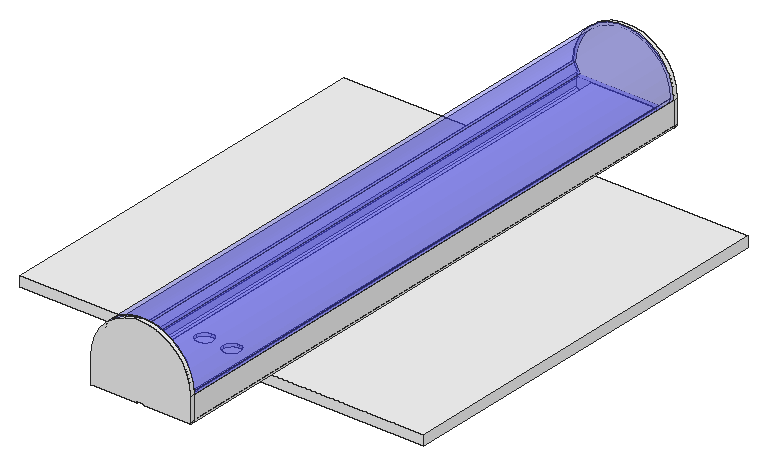
Revit family "BE_51242.1_de_DE", category Leuchten, Revit 2020
Family settings
  Basisbauteil = Fläche
  Bemaßung runder Anschluss = Durchmesser verwenden
  Teiletyp = Normal
  Beim Laden mit Abzugskörper schneiden = Ja
  Lichtquelle = Ja
  Gemeinsam genutzt = Nein
  Raumberechnungspunkt = Ja
Parameters (values of type "BEGA_51242.1_K3")
  built-in parameter 1150104 = 14.054 (stored number, unit not read)
  Wattage = 23.4 W
  Default Elevation = 0 mm
  built-in parameter 1150113 = 1 (stored number, unit not read)
  built-in parameter 1114218 = 1 (stored number, unit not read)
  Umgebungstemperatur = "25 °C"
  URL = "https://www.bega.com/de/produkt/51242.1"
  Typenkommentare = "© 2023 BEGA. Wir behalten uns das Recht vor, technische Änderungen ohne vorherige Ankündigung vorzunehmen."  # constant formula
  built-in parameter 1150134 = (empty or 0)
  built-in parameter 1150109 = 1 (stored number, unit not read)
  Strom = ""
  built-in parameter 1150110 = 1 (stored number, unit not read)
  Spannung = 239.996 V
  Sonderanfertigung = no
  Seriennummer [instance] = "Hier können Sie die eindeutige Seriennummer für das Facility Management eintragen."
  Schutzklasse = "I"
  Schutzart = "IP 44"
  Scheinlast = 0 VA
  Produktdatenblatt = "https://cdn.bega.com/bega/products/51242.1K3/current/documents/data-sheets/de"
  Oberflächentemperatur = ""
  Neigungswinkel = 0.00°
  Modell = "51242.1K3"
  Material_34 = BEGA_Oberfläche_Samtweiss_matt
  Material_14 = BEGA_Kunststoff_opal
  M_W = no
  M_G = no
  M_A = no
  Logo = 0
  built-in parameter 1114217 = 1 (stored number, unit not read)
  built-in parameter 1150139 = (empty or 0)
  built-in parameter 1150105 = 281.7 (stored number, unit not read)
  built-in parameter 1150114 = 1 (stored number, unit not read)
  Lumens = 3539.95 lm
  built-in parameter 1150115 = 1 (stored number, unit not read)
  Leuchtenlichtstrom = "2651 lm"
  Leuchtenanzahl = ""
  Lebensdauerkriterien = "L70B50 @ 25 °C = 130000 h"
  Lastklassifizierung = Beleuchtung
  built-in parameter 1150112 = 1 (stored number, unit not read)
  Lampenlichtstrom = "3540 lm"
  Lampe = "LED 23.4 W"
  LED_Modulbezeichnung = "2x LED-1306/930 + 2x LED-1307/930"
  Hersteller = "BEGA"  # constant formula
  Halbstreuwinkel = ""
  Gewicht = "1.9 kg"
  Gebrauchslageneinschränkung [instance] = ""
  Frequenz = "0/50-60 Hz"
  Farbwiedergabeindex = "CRI > 90"
  Farbtemperaturverschiebung bei Dämpfen der Lampe = <Keine Auswahl>
  Farbtemperatur = "3000 K"
  Color Filter = 16777215
  built-in parameter 1150133 = 10 (stored number, unit not read)
  Energieeffizienzklasse = "LED A++ - A"
  built-in parameter 1150137 = (empty or 0)
  built-in parameter 1150132 = (empty or 0)
  ENEC = ""
  Dimmbar [instance] = "DALI"
  Datei für fotometrisches Netz = "BE_51242K3.ies"
  CE_Konformität = "ja"
  Bestellnummer = "51242.1K3"
  Beschreibung_Sonderanfertigung = "Hier können Sie Informationen zur Sonderanfertigung eintragen."
  Beschreibung = "Wandleuchte"
  built-in parameter 1150106 = 2.817 (stored number, unit not read)
  Befestigungsbohrung = "Ø 4,8 mm"
  Befestigungsabstand = "500 x 81 mm"
  Ballwurfsicher = ""
  BEGA_Intern_aus = yes
  BEGA_Intern_an = yes
  BEGA_Intern_Konstruktion = yes
  BEGA_Intern = yes
  BEGA_IES = yes
  BEGA_Dummy = no
  Anschlussleitung = ""
  Anschlussleistung [instance] = "27 W"
  Anschlusskasten = ""
  built-in parameter 1150107 = 3000 (stored number, unit not read)
  built-in parameter 1150102 = (empty or 0)
  built-in parameter 1150138 = (empty or 0)
  Aktualisierung = "2023-01-26T04:00:03"
  Abstand_zur_angestrahlten_Fläche [instance] = ""
  AC/DC = "AC/DC"
Reference planes
  plane 1 "Mitte (Vorne/Hinten)": y = 0
  plane 2: z = 0
  plane 3 "Mitte (Links/Rechts)": x = 0
  plane 4 "Links": x = -50
  plane 5 "Rechts": x = 50
  plane 6 "Unten": y = -300.506
  plane 7 "Oben": y = 300.506
  plane 8 "Vorne": z = 75
  plane 9 "Hinten": z = 0
Forms (mm)
  Extrusion 1, solid, material "BEGA_Platte_Weiss"
    sketch origin (0, -1119.2, 0) x (1, 0, 0) y (0, 1, 0)
      loop
        line (-200, 1319.2) -> (-200, 919.2) -> (200, 919.2) -> (200, 1319.2) -> (-200, 1319.2)
    from 0 to -10
  Extrusion 2, solid, material "BEGA_Dummy_matt", visible <- "BEGA_Dummy"
    sketch origin (80.095, -76.023, 0) x (1, 0, 0) y (0, 1, 0)
      loop
        line (-130.095, 376.529) -> (-130.095, -224.483) -> (-30.095, -224.483) -> (-30.095, 376.529) -> (-130.095, 376.529)
    from 0 to 75
Dimensions and locks
  plane 1 "Mitte (Vorne/Hinten)" to Extrusion 1 = 200 mm
  aligned and locked: Extrusion 1 to plane 2
  aligned and locked: Extrusion 1 to level
Nested families
  nested 1: "BE_51242.1_Leuchte" at (0, 0, 0), type "BE_51242.1_Leuchte"
Connectors
  electrical at (0, 0, 0), driven by "Lastklassifizierung", driven by "Spannung", driven by "Scheinlast"
    settings: index 1, voltage 239.996 V, apparent load 0 VA, apparent load phase1 0 VA, apparent load phase2 0 VA, apparent load phase3 0 VA, power factor 1, load classification "Beleuchtung", number of poles 1, system type 31, power factor state 1, is connector primary yes, connector utility no, sub classification motor no, connector description ""
Definition of nested family "BE_51242.1_Leuchte"
  Parameters (values of type "BE_51242.1_Leuchte")
    Default Elevation = 1 mm
    URL = "http://www.bega.de/de/produkt"
    Type Comments = "© 2015 BEGA. Wir behalten uns das Recht vor, technische Änderungen ohne vorherige Ankündigung vorzunehmen. "  # constant formula
    Type Image = (empty or 0)
    Material_34 = none
    Material_14 = none
    Länge_Platte = 200 mm  # constant formula
    Höhe_Platte = -10 mm  # constant formula
    Manufacturer = "BEGA"  # constant formula
    Breite_Platte = 200 mm  # constant formula
  Reference planes
    plane 1 "Mitte (Oben/Unten)": y = 0
    plane 2: z = 0
    plane 3 "Mitte (Links/Rechts)": x = 0
  Forms (mm)
    Extrusion 1, solid, detail levels medium
      sketch origin (0, 0, 0) x (1, 0, 0) y (0, 1, 0)
        loop
          line (-100, 100) -> (-100, -100) -> (100, -100) -> (100, 100) -> (-100, 100)
      from 0 to -10 <- "Höhe_Platte"
    Extrusion 2, solid, material <- "Material_34"
      sketch origin (0, 0, 0) x (1, 0, 0) y (0, 0, 1)
        loop
          line (33.15, 0) -> (48.107, 0) -> (48.8, 1.2) -> (50, 1.2) -> (50, 25.072) -> (46.2, 16.923) -> (47.5, 16.317) -> (47.5, 4)
          arc (47.5, 4) -> (47.061, 2.939) -> (46, 2.5) r 1.5
          line (46, 2.5) -> (35, 2.5) -> (32.16, 11.789)
          arc (32.16, 11.789) -> (31.799, 12.303) -> (31.203, 12.5) r 1
          line (31.203, 12.5) -> (-31.203, 12.5)
          arc (-31.203, 12.5) -> (-31.799, 12.303) -> (-32.16, 11.789) r 1
          line (-32.16, 11.789) -> (-35, 2.5) -> (-46, 2.5)
          arc (-46, 2.5) -> (-47.061, 2.939) -> (-47.5, 4) r 1.5
          line (-47.5, 4) -> (-47.5, 16.317) -> (-46.2, 16.923) -> (-50, 25.072) -> (-50, 1.2) -> (-48.8, 1.2) -> (-48.107, 0) -> (-33.15, 0) -> (-30.093, 10) -> (30.093, 10) -> (33.15, 0)
      from -296.583 to 296.583
    Extrusion 3, void
      sketch origin (0, 0, 0) x (1, 0, 0) y (0, 1, 0)
        loop
          circle (-40.5, -249.933) r 2.4
        loop
          circle (40.5, -249.933) r 2.4
        loop
          circle (13.5, -204.933) r 8.5
        loop
          circle (-13.5, -204.933) r 8.5
      from 0 to 25.072
    Extrusion 4, void
      sketch origin (0, 0, 0) x (1, 0, 0) y (0, 1, 0)
        loop
          circle (-40.5, 248.935) r 2.4
        loop
          circle (40.5, 248.935) r 2.4
      from 0 to 25.072
    Extrusion 5, solid, material <- "Material_14"
      sketch origin (0, 0, 0) x (1, 0, 0) y (0, 0, 1)
        loop
          line (-50, 25.072) -> (-44.404, 13.072) -> (44.404, 13.072) -> (50, 25.072)
          arc (50, 25.072) -> (0, 75.072) -> (-50, 25.072) r 50
        loop
          line (-46.995, 25.728) -> (-42.493, 16.072) -> (42.493, 16.072) -> (46.995, 25.728)
          arc (46.995, 25.728) -> (0, 72.072) -> (-46.995, 25.728) r 47
      from -296.583 to 296.583
    Extrusion 6, solid, material <- "Material_34"
      sketch origin (0, 0, 0) x (1, 0, 0) y (0, 0, 1)
        loop
          line (3.833, 0.681) -> (48.5, 0.581)
          arc (48.5, 0.581) -> (49.207, 0.874) -> (49.5, 1.581) r 1
          line (49.5, 1.581) -> (49.5, 24.881)
          arc (49.5, 24.881) -> (0, 74.381) -> (-49.5, 24.881) r 49.5
          line (-49.5, 24.881) -> (-49.5, 1.581)
          arc (-49.5, 1.581) -> (-49.207, 0.874) -> (-48.5, 0.581) r 1
          line (-48.5, 0.581) -> (-3.873, 0.581)
          arc (-3.873, 0.581) -> (-3.14, 1.524) -> (-2, 1.881) r 2
          line (-2, 1.881) -> (2, 1.881)
          arc (2, 1.881) -> (3.095, 1.554) -> (3.833, 0.681) r 2
      from 296.583 to 300.506
    Extrusion 7, solid, material <- "Material_34"
      sketch origin (0, 0, 0) x (1, 0, 0) y (0, 0, -1)
        loop
          arc (3.833, -0.681) -> (3.095, -1.554) -> (2, -1.881) r 2
          line (2, -1.881) -> (-2, -1.881)
          arc (-2, -1.881) -> (-3.14, -1.524) -> (-3.873, -0.581) r 2
          line (-3.873, -0.581) -> (-48.5, -0.581)
          arc (-48.5, -0.581) -> (-49.207, -0.874) -> (-49.5, -1.581) r 1
          line (-49.5, -1.581) -> (-49.5, -24.881)
          arc (-49.5, -24.881) -> (0, -74.381) -> (49.5, -24.881) r 49.5
          line (49.5, -24.881) -> (49.5, -1.581)
          arc (49.5, -1.581) -> (49.207, -0.874) -> (48.5, -0.581) r 1
          line (48.5, -0.581) -> (3.833, -0.681)
      from 296.583 to 300.506
  Cuts and joins
    Extrusion 3, Extrusion 4 cuts Extrusion 2
  Dimensions and locks
    equal spacing: Extrusion 1 sketch curve, plane 3 "Mitte (Links/Rechts)", Extrusion 1 sketch curve
    equal spacing: Extrusion 1 sketch curve, plane 1 "Mitte (Oben/Unten)", Extrusion 1 sketch curve
    "Länge_Platte": Extrusion 1 sketch curve to Extrusion 1 sketch curve
    "Breite_Platte": Extrusion 1 sketch curve to Extrusion 1 sketch curve
    plane 1 "Mitte (Oben/Unten)" to Extrusion 1 = 100 mm  (x3)
    Extrusion 2 to plane 1 "Mitte (Oben/Unten)" = 296.583 mm  (x2)
    Extrusion 6 to Extrusion 6 = 3.924 mm
    aligned and locked: Extrusion 1 to plane 2
    aligned and locked: level to Extrusion 1
    aligned and locked: Extrusion 6 to cut or joined group of Extrusion 2, Extrusion 3, Extrusion 4
    aligned and locked: Extrusion 2 to Extrusion 5
  Automatic sketch dimensions
    Extrusion 2 sketch curve to level = 0 mm  (x2)
    level to Extrusion 2 sketch curve = 1.2 mm  (x2)
    Extrusion 2 sketch curve to plane 3 "Mitte (Links/Rechts)" = 50 mm
    Extrusion 2 sketch curve to Extrusion 2 sketch curve = 1.2 mm
    Extrusion 2 sketch curve to Extrusion 2 sketch curve = 0.693 mm  (x2)
    level to Extrusion 2 sketch curve = 16.317 mm
    Extrusion 2 sketch curve to Extrusion 2 sketch curve = 2.5 mm
    level to Extrusion 2 sketch curve = 16.923 mm  (x2)
    Extrusion 2 sketch curve to Extrusion 2 sketch curve = 1.3 mm  (x2)
    Extrusion 2 sketch curve to Extrusion 2 sketch curve = 1.5 mm
    level to Extrusion 2 sketch curve = 2.5 mm  (x2)
    Extrusion 2 sketch curve to Extrusion 2 sketch curve = 11 mm  (x2)
    Extrusion 2 sketch curve to Extrusion 2 sketch curve = 1.85 mm  (x2)
    level to Extrusion 2 sketch curve = 11.789 mm  (x2)
    Extrusion 2 sketch curve to Extrusion 2 sketch curve = 2.84 mm
    Extrusion 2 sketch curve to Extrusion 2 sketch curve = 0.957 mm  (x2)
    Extrusion 2 sketch curve to Extrusion 2 sketch curve = 1.11 mm  (x2)
    level to Extrusion 2 sketch curve = 10 mm
    plane 3 "Mitte (Links/Rechts)" to Extrusion 2 sketch curve = 30.093 mm
    Extrusion 2 sketch curve to Extrusion 2 sketch curve = 3.057 mm
    Extrusion 2 sketch curve to Extrusion 2 sketch curve = 0.2 mm
    Extrusion 2 sketch curve to Extrusion 2 sketch curve = 2.107 mm
    Extrusion 2 sketch curve to Extrusion 2 sketch curve = 3.8 mm
    Extrusion 2 sketch curve to Extrusion 2 sketch curve = 0.289 mm
    Extrusion 2 sketch curve to Extrusion 2 sketch curve = 0.606 mm
    Extrusion 5 sketch curve to Extrusion 5 sketch curve = 0 mm  (x2)
    Extrusion 5 sketch curve to plane 3 "Mitte (Links/Rechts)" = 0 mm
    level to Extrusion 5 sketch curve = 16.072 mm
    Extrusion 5 sketch curve to plane 3 "Mitte (Links/Rechts)" = 42.493 mm
    level to Extrusion 5 sketch curve = 13.072 mm
    Extrusion 5 sketch curve to Extrusion 5 sketch curve = 1.911 mm  (x2)
    Extrusion 5 sketch curve to Extrusion 5 sketch curve = 4.502 mm
    Extrusion 5 sketch curve to Extrusion 5 sketch curve = 3.005 mm  (x2)
    Extrusion 5 sketch curve to Extrusion 5 sketch curve = 7.507 mm
    level to Extrusion 5 sketch curve = 25.728 mm
    level to Extrusion 5 sketch curve = 25.072 mm
    Extrusion 5 sketch curve to Extrusion 5 sketch curve = 0.655 mm
    Extrusion 5 sketch curve to Extrusion 5 sketch curve = 9 mm
    Extrusion 6 sketch curve to plane 3 "Mitte (Links/Rechts)" = 0 mm
    Extrusion 6 sketch curve to level = 0.119 mm  (x2)
    Extrusion 6 sketch curve to plane 3 "Mitte (Links/Rechts)" = 2 mm
    level to Extrusion 6 sketch curve = 0.581 mm  (x2)
    Extrusion 6 sketch curve to Extrusion 6 sketch curve = 1.873 mm
    Extrusion 6 sketch curve to Extrusion 6 sketch curve = 44.627 mm
    Extrusion 6 sketch curve to Extrusion 6 sketch curve = 1 mm  (x2)
    plane 3 "Mitte (Links/Rechts)" to Extrusion 6 sketch curve = 2 mm
    level to Extrusion 6 sketch curve = 0.681 mm
    Extrusion 6 sketch curve to Extrusion 6 sketch curve = 23.3 mm
    Extrusion 7 sketch curve to plane 3 "Mitte (Links/Rechts)" = 0 mm
    Extrusion 7 sketch curve to level = 0.119 mm  (x2)
    Extrusion 7 sketch curve to plane 3 "Mitte (Links/Rechts)" = 2 mm
    level to Extrusion 7 sketch curve = 0.581 mm
    Extrusion 7 sketch curve to Extrusion 7 sketch curve = 1.873 mm
    Extrusion 7 sketch curve to Extrusion 7 sketch curve = 44.627 mm
    Extrusion 7 sketch curve to Extrusion 7 sketch curve = 1 mm  (x2)
    plane 3 "Mitte (Links/Rechts)" to Extrusion 7 sketch curve = 2 mm
    level to Extrusion 7 sketch curve = 0.681 mm
    level to Extrusion 7 sketch curve = 24.881 mm
    level to Extrusion 7 sketch curve = 1.581 mm
